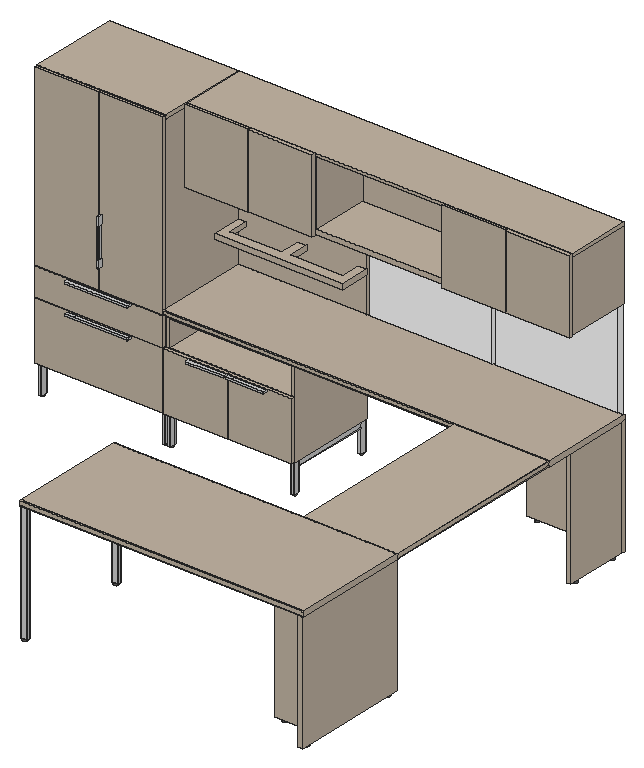
Revit family "FLT011", category Furniture, Revit 2019 (continued)
Definition of nested family "JSI-Flux-Wall_Mount_OH_Cab_Opn_Compt"
  Forms (in)
    Extrusion 7, solid, material <- "Chassis", visible <- "Part_R"
      from 30.1875 to 45.25
    Extrusion 8, solid, material <- "Door Front", visible <- "Part_L"
      sketch origin (0, 0, -23) x (1, 0, 0) y (0, 0, 1)
        loop
          line (-36.06413, 69) -> (-36.06413, 51.75) -> (-20.18913, 51.75) -> (-20.18913, 69) -> (-36.06413, 69)
      from 4.3125 to 5.0625
    Extrusion 9, solid, material <- "Door Front", visible <- "Part_L"
      sketch origin (16, 0, -23) x (1, 0, 0) y (0, 0, 1)
        loop
          line (-36.06413, 69) -> (-36.06413, 51.75) -> (-20.18913, 51.75) -> (-20.18913, 69) -> (-36.06413, 69)
      from 4.3125 to 5.0625
    Extrusion 10, solid, material <- "Door Front", visible <- "Part_R"
      sketch origin (0, 0, -23) x (1, 0, 0) y (0, 0, 1)
        loop
          line (43.93587, 69) -> (43.93587, 51.75) -> (59.81087, 51.75) -> (59.81087, 69) -> (43.93587, 69)
      from 4.3125 to 5.0625
    Extrusion 11, solid, material <- "Door Front", visible <- "Part_R"
      sketch origin (-16, 0, -23) x (1, 0, 0) y (0, 0, 1)
        loop
          line (43.93587, 69) -> (43.93587, 51.75) -> (59.81087, 51.75) -> (59.81087, 69) -> (43.93587, 69)
      from 4.3125 to 5.0625
    Extrusion 12, solid, material <- "Back Panel"
      sketch origin (0, 0, 0) x (0, 1, 0) y (0, 0, 1)
        loop
          line (10.75, 45.25) -> (9.9375, 45.25) -> (9.9375, 42.25) -> (10.75, 42.25) -> (10.75, 45.25)
      from -35.31413 to 59.06087
    Extrusion 13, solid, material <- "Back Panel"
      sketch origin (0, 0, 0) x (0, 1, 0) y (0, 0, 1)
        loop
          line (10.75, 42.25) -> (9.9375, 42.25) -> (9.9375, 40.0625) -> (10.75, 40.0625) -> (10.75, 42.25)
      from -34.31413 to 58.06087
  Lines and regions (in)
    symbolic lines
      curve 1: line (-36.06413, 10.75, 0) -> (-36.06413, -4.25, 0)
      curve 2: line (59.81087, 10.75, 0) -> (-36.06413, 10.75, 0)
      curve 3: line (59.81087, 10.75, 0) -> (59.81087, -4.25, 0)
      curve 4: line (59.81087, -4.25, 0) -> (-36.06413, -4.25, 0)
    symbolic lines, visible <- "Part_L"
      curve 5: line (-36.06413, -4.3125, 0) -> (-36.06413, -5.0625, 0)
      curve 6: line (-20.18913, -5.0625, 0) -> (-20.18913, -4.3125, 0)
      curve 7: line (-20.18913, -4.3125, 0) -> (-36.06413, -4.3125, 0)
      curve 8: line (-36.06413, -5.0625, 0) -> (-20.18913, -5.0625, 0)
      curve 9: line (-20.06413, -4.3125, 0) -> (-20.06413, -5.0625, 0)
      curve 10: line (-4.18913, -5.0625, 0) -> (-4.18913, -4.3125, 0)
      curve 11: line (-4.18913, -4.3125, 0) -> (-20.06413, -4.3125, 0)
      curve 12: line (-20.06413, -5.0625, 0) -> (-4.18913, -5.0625, 0)
    symbolic lines, visible <- "Part_R"
      curve 13: line (59.81087, -5.0625, 0) -> (59.81087, -4.3125, 0)
      curve 14: line (43.93587, -4.3125, 0) -> (43.93587, -5.0625, 0)
      curve 15: line (59.81087, -4.3125, 0) -> (43.93587, -4.3125, 0)
      curve 16: line (43.93587, -5.0625, 0) -> (59.81087, -5.0625, 0)
      curve 17: line (43.81087, -5.0625, 0) -> (43.81087, -4.3125, 0)
      curve 18: line (27.93587, -4.3125, 0) -> (27.93587, -5.0625, 0)
      curve 19: line (43.81087, -4.3125, 0) -> (27.93587, -4.3125, 0)
      curve 20: line (27.93587, -5.0625, 0) -> (43.81087, -5.0625, 0)
    symbolic lines, detail levels medium+fine
      curve 21: line (-35.31413, 9.1875, 0) -> (59.06087, 9.1875, 0)
      curve 22: line (59.06087, 9.1875, 0) -> (59.06087, 9.9375, 0)
      curve 23: line (59.06087, 9.9375, 0) -> (-35.31413, 9.9375, 0)
      curve 24: line (-35.31413, 9.9375, 0) -> (-35.31413, 9.1875, 0)
      curve 25: line (59.06087, 10.75, 0) -> (59.06087, -4.25, 0)
      curve 26: line (-35.31413, -4.25, 0) -> (-35.31413, 10.75, 0)
    symbolic lines, visible <- "Part_L", detail levels medium+fine
      curve 27: line (-3.75163, -4.25, 0) -> (-3.75163, 9.1875, 0)
      curve 28: line (-3.75163, 9.1875, 0) -> (-4.50163, 9.1875, 0)
      curve 29: line (-4.50163, 9.1875, 0) -> (-4.50163, -4.25, 0)
      curve 30: line (-4.50163, -4.25, 0) -> (-3.75163, -4.25, 0)
    symbolic lines, visible <- "Part_R", detail levels medium+fine
      curve 31: line (28.24837, -4.25, 0) -> (28.24837, 9.1875, 0)
      curve 32: line (28.24837, 9.1875, 0) -> (27.49837, 9.1875, 0)
      curve 33: line (27.49837, 9.1875, 0) -> (27.49837, -4.25, 0)
      curve 34: line (27.49837, -4.25, 0) -> (28.24837, -4.25, 0)
  Dimensions and locks (in)
    "Width": plane 2 "Center (Left/Right)" to plane 6
    "Depth": plane 16 to plane 3 "Center (Front/Back)"
    plane 12 to plane 13 to plane 14 to plane 15 = 0' - 0 3/4" locked, 0' - 0 1/16" locked, 0' - 2 3/16" locked
    locked: plane 16 to plane 12 at 0.0625
    locked: plane 2 "Center (Left/Right)" to plane 5 at 0.75
    locked: plane 8 to plane 9 at 0.75
    locked: plane 11 to plane 10 at 0.75
    locked: plane 7 to plane 6 at 0.75
    equal spacing: plane 2 "Center (Left/Right)", plane 17, plane 6
    "Height": plane 23 to plane 18
    "OH Elevation": plane 18 to plane 1
    plane 23 to plane 22 to plane 41 = 0' - 0 3/4" locked, 0' - 5 3/16" locked
    locked: plane 20 to plane 19 at 1.1875
    "Level of Base Shelve": plane 19 to plane 18
    plane 19 to plane 21 to plane 28 = 0' - 0 1/4" locked, 0' - 0 1/4" locked
    locked: plane 24 to plane 4 at 0.0625
    "Partition Distance_L": plane 2 "Center (Left/Right)" to plane 8
    "Partition Distance_R": plane 10 to plane 6
    plane 2 "Center (Left/Right)" to plane 29 = 0' - 0 3/4"
    equal spacing: group 1, group 2, group 3, group 8, group 9, group 10  (x3)
    "Wiring Hole Dist": plane 2 "Center (Left/Right)" to plane 35
    "Wiring Hole Dist": plane 36 to plane 6
    "Door Width": Extrusion 8 sketch curve to Extrusion 8 sketch curve
    "Door Width": Extrusion 9 sketch curve to Extrusion 9 sketch curve
    group 4 to group 5 = 1' - 4"
    group 4 to group 5 = 0' - 0"  (x2)
    "Door Array Distance": Extrusion 8 to Extrusion 9
    "Door Width": Extrusion 10 sketch curve to Extrusion 10 sketch curve
    "Door Width": Extrusion 11 sketch curve to Extrusion 11 sketch curve
    group 7 to group 6 = 1' - 4"
    group 6 to group 7 = 0' - 0"  (x2)
    "Door Array Distance": Extrusion 11 to Extrusion 10
    plane 24 to plane 25 to plane 3 "Center (Front/Back)" = 0' - 0 3/4" locked, 0' - 0 13/16" locked
    locked: plane 29 to plane 39 at 1
    locked: plane 40 to plane 34 at 1
    locked: plane 22 to plane 42 at 3
    aligned and locked: level to plane 1
    aligned and locked: Extrusion 1 sketch curve to plane 2 "Center (Left/Right)"
    aligned and locked: Extrusion 1 sketch curve to plane 5
    aligned and locked: Extrusion 1 sketch curve to plane 3 "Center (Front/Back)"
    aligned and locked: Extrusion 1 sketch curve to plane 14
    aligned and locked: Extrusion 2 sketch curve to plane 7
    aligned and locked: Extrusion 2 sketch curve to plane 6
    aligned and locked: Extrusion 2 sketch curve to plane 3 "Center (Front/Back)"
    aligned and locked: Extrusion 2 sketch curve to plane 14
    aligned and locked: plane 22 to Extrusion 1
    aligned and locked: plane 22 to Extrusion 2
    aligned and locked: Extrusion 1 to plane 18
    aligned and locked: Extrusion 2 to plane 18
    aligned and locked: Extrusion 3 sketch curve to plane 22
    aligned and locked: Extrusion 3 sketch curve to plane 23
    aligned and locked: Extrusion 3 sketch curve to plane 2 "Center (Left/Right)"
    aligned and locked: Extrusion 3 sketch curve to plane 6
    aligned and locked: Extrusion 4 sketch curve to plane 20
    aligned and locked: Extrusion 4 sketch curve to plane 19
    aligned and locked: Extrusion 4 sketch curve to plane 5
    aligned and locked: Extrusion 4 sketch curve to plane 7
    aligned and locked: Extrusion 3 to plane 3 "Center (Front/Back)"
    aligned and locked: plane 14 to Extrusion 3
    aligned and locked: Extrusion 4 to plane 24
    aligned and locked: plane 14 to Extrusion 4
    aligned and locked: Extrusion 5 sketch curve to plane 22
    aligned and locked: Extrusion 5 sketch curve to plane 5
    aligned and locked: Extrusion 5 sketch curve to plane 7
    aligned and locked: Extrusion 5 sketch curve to plane 18
    aligned and locked: Extrusion 5 to plane 25
    aligned and locked: plane 24 to Extrusion 5
    aligned and locked: Extrusion 6 sketch curve to plane 8
    aligned and locked: Extrusion 6 sketch curve to plane 9
    aligned and locked: Extrusion 6 sketch curve to plane 24
    aligned and locked: Extrusion 6 sketch curve to plane 14
    aligned and locked: Extrusion 7 sketch curve to plane 11
    aligned and locked: Extrusion 7 sketch curve to plane 10
    aligned and locked: Extrusion 7 sketch curve to plane 24
    aligned and locked: Extrusion 7 sketch curve to plane 14
    aligned and locked: plane 22 to Extrusion 6
    aligned and locked: Extrusion 6 to plane 20
    aligned and locked: plane 22 to Extrusion 7
    aligned and locked: Extrusion 7 to plane 20
    aligned and locked: plane 17 to nested 1
    aligned and locked: plane 12 to nested 1
    aligned and locked: curve 1 to plane 2 "Center (Left/Right)"
    aligned and locked: curve 2 to plane 3 "Center (Front/Back)"
    aligned and locked: curve 3 to plane 6
    aligned and locked: curve 4 to plane 14
    aligned and locked: Extrusion 8 to plane 13
    aligned and locked: plane 12 to Extrusion 8
    aligned and locked: Extrusion 10 to plane 13
    aligned and locked: plane 12 to Extrusion 10
    aligned and locked: plane 6 to Extrusion 10
    aligned and locked: Extrusion 8 to plane 2 "Center (Left/Right)"
    aligned and locked: curve 5 to Extrusion 8
    aligned and locked: curve 6 to Extrusion 8
    aligned and locked: curve 7 to Extrusion 8
    aligned and locked: curve 8 to Extrusion 8
    aligned and locked: curve 9 to Extrusion 9
    aligned and locked: curve 10 to Extrusion 9
    aligned and locked: curve 11 to Extrusion 9
    aligned and locked: curve 12 to Extrusion 9
    aligned and locked: curve 13 to Extrusion 10
    aligned and locked: curve 14 to Extrusion 10
    aligned and locked: curve 15 to Extrusion 10
    aligned and locked: curve 16 to Extrusion 10
    aligned and locked: curve 17 to Extrusion 11
    aligned and locked: curve 18 to Extrusion 11
    aligned and locked: curve 19 to Extrusion 11
    aligned and locked: curve 20 to Extrusion 11
    aligned and locked: Extrusion 8 to plane 21
    aligned and locked: Extrusion 9 to plane 21
    aligned and locked: Extrusion 10 to plane 21
    aligned and locked: Extrusion 11 to plane 21
    aligned and locked: plane 23 to Extrusion 8
    aligned and locked: plane 23 to Extrusion 10
    aligned and locked: plane 7 to plane 34
    aligned and locked: plane 3 "Center (Front/Back)" to Extrusion 12 sketch curve
    aligned and locked: plane 25 to Extrusion 12 sketch curve
    aligned and locked: plane 22 to Extrusion 12 sketch curve
    aligned and locked: plane 42 to Extrusion 12 sketch curve
    aligned and locked: plane 3 "Center (Front/Back)" to Extrusion 13 sketch curve
    aligned and locked: plane 25 to Extrusion 13 sketch curve
    aligned and locked: plane 42 to Extrusion 13 sketch curve
    aligned and locked: plane 41 to Extrusion 13 sketch curve
    aligned and locked: Extrusion 12 to plane 29
    aligned and locked: Extrusion 13 to plane 39
    aligned and locked: plane 34 to Extrusion 12
    aligned and locked: plane 40 to Extrusion 13
    aligned and locked: curve 21 to Extrusion 5
    aligned and locked: curve 22 to Extrusion 5
    aligned and locked: curve 23 to Extrusion 5
    aligned and locked: curve 24 to Extrusion 5
    aligned and locked: curve 25 to Extrusion 2
    aligned and locked: curve 26 to Extrusion 1
    aligned and locked: curve 27 to Extrusion 6
    aligned and locked: curve 28 to Extrusion 6
    aligned and locked: curve 29 to Extrusion 6
    aligned and locked: curve 30 to Extrusion 6
    aligned and locked: curve 31 to Extrusion 7
    aligned and locked: curve 32 to Extrusion 7
    aligned and locked: curve 33 to Extrusion 7
    aligned and locked: curve 34 to Extrusion 7
    aligned and locked: plane 14 to curve 26
    aligned and locked: plane 3 "Center (Front/Back)" to curve 26
    aligned and locked: plane 14 to curve 25
    aligned and locked: plane 3 "Center (Front/Back)" to curve 25
  Automatic sketch dimensions
    Extrusion 8 sketch curve to Extrusion 8 sketch curve = 1' - 5 1/4"
    Extrusion 9 sketch curve to Extrusion 9 sketch curve = 1' - 5 1/4"
    Extrusion 10 sketch curve to Extrusion 10 sketch curve = 1' - 5 1/4"
    Extrusion 11 sketch curve to Extrusion 11 sketch curve = 1' - 5 1/4"
    curve 5 to curve 7 = 1' - 3 7/8"
    curve 8 to curve 6 = 0' - 0 3/4"
    curve 9 to curve 11 = 1' - 3 7/8"
    curve 12 to curve 10 = 0' - 0 3/4"
    curve 14 to curve 15 = 1' - 3 7/8"
    curve 14 to curve 14 = 0' - 0 3/4"
    curve 18 to curve 19 = 1' - 3 7/8"
    curve 18 to curve 18 = 0' - 0 3/4"
  Nested families (in)
    nested 1: "Label 1-16 OH" at (11.87337, -5.0625, 0), type "OH DOORS"
  Definition of nested family "Label 1-16 OH"
    Parameters
      Width = 0' - 1"
      Model Name = "6 Doors"
    Reference planes (in)
      plane 1: y = 0
      plane 2: x = 0
    Text (in)
      label "XX" at (0.00051, -0.12324, 0), shows "Model Name"
Definition of nested family "JSI-Flux-Wall_Mount_Tack_Panel"
  Parameters (values of type "Type Catalog - Tackboard for OH Cab")
    Width = 2' - 4 1/4"
    URL = "www.jsifurniture.com"
    Type Comments = ""
    Series = "FLUX"  # constant formula
    OH Elevation = 2' - 5"
    Model = "FLB2931CMB"
    Manufacturer = "JSI"  # constant formula
    Keynote = "12500"
    JSI Enviromental Website = "http://www.jsifurniture.com/jsi_sustainability_intro.php"
    Height = 2' - 6"
    Markerboard = none
    Description = "29\"W x 31\"H, Overhead Cabinet Markerboard"
    Depth = 0' - 0 13/16"
    Assembly Code = "E2020200"
  Reference planes (in)
    plane 1: z = 0
    plane 2 "Center (Left/Right)": x = -36.06413
    plane 3 "Center (Front/Back)": y = 10.75
    plane 4: x = -7.81413
    plane 5: x = -21.93913
    plane 6: z = 59
    plane 7: z = 29
    plane 8: x = -35.31413
    plane 9: x = -8.56413
    plane 10: y = 9.9375
    plane 11: y = 9.125
  Forms (in)
    Extrusion 1, solid, material <- "Markerboard"
      sketch origin (0, 0, 0) x (1, 0, 0) y (0, 0, 1)
        loop
          line (-35.31413, 59) -> (-35.31413, 29) -> (-8.56413, 29) -> (-8.56413, 59) -> (-35.31413, 59)
      from -9.9375 to -9.125
  Lines and regions (in)
    symbolic lines, detail levels medium+fine
      curve 1: line (-35.31413, 9.9375, 0) -> (-8.56413, 9.9375, 0)
      curve 2: line (-35.31413, 9.125, 0) -> (-35.31413, 9.9375, 0)
      curve 3: line (-8.56413, 9.125, 0) -> (-35.31413, 9.125, 0)
      curve 4: line (-8.56413, 9.9375, 0) -> (-8.56413, 9.125, 0)
  Dimensions and locks (in)
    "Width": plane 2 "Center (Left/Right)" to plane 4
    equal spacing: plane 2 "Center (Left/Right)", plane 5, plane 4
    "OH Elevation": plane 7 to plane 1
    "Height": plane 6 to plane 7
    locked: plane 2 "Center (Left/Right)" to plane 8 at 0.75
    locked: plane 9 to plane 4 at 0.75
    locked: plane 10 to plane 3 "Center (Front/Back)" at 0.8125
    "Depth": plane 11 to plane 10
    aligned and locked: level to plane 1
    aligned and locked: plane 8 to Extrusion 1 sketch curve
    aligned and locked: Extrusion 1 sketch curve to plane 9
    aligned and locked: Extrusion 1 sketch curve to plane 6
    aligned and locked: plane 7 to Extrusion 1 sketch curve
    aligned and locked: Extrusion 1 to plane 10
    aligned and locked: plane 11 to Extrusion 1
    aligned and locked: curve 1 to Extrusion 1
    aligned and locked: curve 2 to Extrusion 1
    aligned and locked: curve 3 to plane 11
    aligned and locked: curve 4 to plane 9
Definition of nested family "JSI-Flux-Workwall_Panel"
  Parameters (values of type "Type Catalog - Workwall Panel")
    Width = 3' - 6"
    URL = "www.jsifurniture.com"
    Type Comments = ""
    Tray = if(Tray_V_Dist < Depth, 2 > 1, 1 > 2)  # yes
    Tray_V_Dist = if(L_Bracket, (Depth + 0' 2"), (if(R_Bracket, (Depth + 0' 2"), (if(Acc, Cup Dist, Depth + 0' 2")))))  # 0' - 3 33/64"
    Tr = yes
    TAG = ""
    Support Width = if(Width > 3' 3", 2' 6", (if(Width > 2' 9", 2' 0", (if(Width > 2' 0", 1' 6", (if(Width > 1' 6", 1' 0", 0' 7")))))))  # 2' - 6"
    Support Height = if(Height > 3' 5", 0' 7 1/2", if(Height > 2' 8", 0' 11 1/2", 0' 2 1/4"))  # 0' - 2 1/4"
    Support = none
    Shelf = none
    Series = "FLUX"  # constant formula
    Tray_H_Dist = if(R, (Clip Dist + 0' 10 31/32"), (Clip Dist - 0' 10 31/32"))  # 1' - 0 1/32"
    R_Bracket_V_Dist = if(R_Bracket, 0' 0", Depth + 0' 2")  # 0' - 10 17/32"
    R_Bracket Dist = L_Bracket Dist  # 0' - 5 13/16"
    R_Bracket = no
    OH Elevation = 2' - 5"
    Model = ""
    Manufacturer = "JSI"  # constant formula
    L_Bracket_V_Dist = if(L_Bracket, 0' 0", Depth + 0' 2")  # 0' - 10 17/32"
    L_Bracket = no
    R = no
    Keynote = "12500"
    JSI Enviromental Website = "http://www.jsifurniture.com/jsi_sustainability_intro.php"
    Height = 2' - 0"
    Panel = none
    Description = ""
    Depth = 0' - 8 17/32"
    Cup Dist = if(Acc, 0' 3 33/64", Depth + 0' 2")  # 0' - 3 33/64"
    Cup_H_Dist = if(R, (if(Width > 3' 3", 0' 9", (if(Width > 3' 0", 0' 8", (if(Width > 2' 9", 0' 7", (if(Width > 2' 6", 0' 6", 0' 5")))))))), (if(Width > 3' 3", (Width - 0' 9"), (if(Width > 3' 0", (Width - 0' 8"), (if(Width > 2' 9", (Width - 0' 7"), (if(Width > 2' 6", (Width - 0' 6"), (Width - 0' 5"))))))))))  # 2' - 9"
    Cup = if(Cup Dist < Depth, 2 > 1, 1 > 2)  # yes
    Clip = if(Cup Dist < Depth, 2 > 1, 1 > 2)  # yes
    Chassis = none
    Clip Dist = if(R, ((Cup_H_Dist * 2) + 0' 1"), (Cup_H_Dist - (if(Width > 3' 3", 0' 10", (if(Width > 3' 0", 0' 9", (if(Width > 2' 9", 0' 8", (if(Width > 2' 6", 0' 7", 0' 6"))))))))))  # 1' - 11"
    Bracket Width = 1' - 0 1/4"
    L_Bracket Dist = (if(Width > 3' 3", 0' 5 13/16", (if(Width > 3' 0", 0' 4 13/16", (if(Width > 2' 9", 0' 3 13/16", (if(Width > 2' 6", 0' 2 13/16", 0' 1 13/16"))))))))  # 0' - 5 13/16"
    Bracket Depth = 0' - 4 3/4"
    Assembly Code = "E2020200"
    Accessories = none
    Acc = yes
  Reference planes (in)
    plane 1: z = 0
    plane 2 "Center (Left/Right)": x = -36.06413
    plane 3 "Center (Front/Back)": y = 10.75
    plane 4: x = 5.93587
    plane 5: y = 10
    plane 6: y = 9.25
    plane 7: x = -15.06413
    plane 8: x = -33.06413
    plane 9: x = 2.93587
    plane 10: z = 53
    plane 11: z = 52.5
    plane 12: z = 49.5
    plane 13: z = 47.25
    plane 14: z = 31.25
    plane 15: z = 33.5
    plane 16: z = 48
    plane 17: z = 32
    plane 18: x = -30.06413
    plane 19: x = -0.06413
    plane 20: z = 29
    plane 21: z = 38.28125
    plane 22: z = 39.46875
    plane 23: y = 2.21875
    plane 24: x = -3.06413
    plane 25: x = -13.06413
    plane 26: x = -24.03288
    plane 27: y = 5.73437
    plane 28: x = -28.67351
    plane 29: x = -19.39226
    plane 30: x = -27.04851
    plane 31: x = -21.01726
    plane 32: y = 7.35937
    plane 33: y = 4.10937
    plane 34: y = -6.03125
    plane 35: x = -30.25163
    plane 36: x = -18.00163
    plane 37: x = -12.12663
    plane 38: x = 0.12337
    plane 39: y = -1.28125
    plane 40: y = -6.03125
    plane 41: y = -1.28125
    plane 42: y = 5.73437
  Forms (in)
    Extrusion 1, solid, material <- "Panel"
      sketch origin (0, 0, 0) x (1, 0, 0) y (0, 1, 0)
        loop
          line (5.93587, 10) -> (-36.06413, 10) -> (-36.06413, 9.25) -> (5.93587, 9.25) -> (5.93587, 10)
      from 29 to 52.5
    Extrusion 2, solid, material <- "Chassis"
      sketch origin (0, 0, 0) x (1, 0, 0) y (0, 1, 0)
        loop
          line (-36.06413, 10.75) -> (-36.06413, 10) -> (-33.06413, 10) -> (-33.06413, 10.75) -> (-36.06413, 10.75)
      from 29 to 52.5
    Extrusion 3, solid, material <- "Chassis"
      sketch origin (0, 0, 0) x (1, 0, 0) y (0, 1, 0)
        loop
          line (2.93587, 10.75) -> (2.93587, 10) -> (5.93587, 10) -> (5.93587, 10.75) -> (2.93587, 10.75)
      from 29 to 52.5
    Extrusion 4, solid, material <- "Support"
      sketch origin (0, 0, 0) x (0, 1, 0) y (0, 0, 1)
        loop
          line (10.75, 52.5) -> (10, 52.5) -> (10, 49.5) -> (10.75, 49.5) -> (10.75, 52.5)
      from -33.06413 to 2.93587
    Extrusion 5, solid, material <- "Support"
      sketch origin (0, 0, 0) x (0, 1, 0) y (0, 0, 1)
        loop
          line (10.75, 48) -> (10.75, 49.5) -> (10, 49.5) -> (10, 48) -> (10.75, 48)
      from -30.06413 to -0.06413
    Extrusion 6, solid, material <- "Support"
      sketch origin (0, 0, 0) x (0, 1, 0) y (0, 0, 1)
        loop
          line (10.75, 48) -> (10, 48) -> (10, 47.25) -> (10.75, 47.25) -> (10.75, 48)
      from -30.06413 to -0.06413
    Extrusion 7, solid, material <- "Support"
      sketch origin (0, 0, 0) x (0, 1, 0) y (0, 0, 1)
        loop
          line (10.75, 33.5) -> (10, 33.5) -> (10, 32) -> (10.75, 32) -> (10.75, 33.5)
      from -30.06413 to -0.06413
    Extrusion 8, solid, material <- "Support"
      sketch origin (0, 0, 0) x (0, 1, 0) y (0, 0, 1)
        loop
          line (10.75, 32) -> (10, 32) -> (10, 31.25) -> (10.75, 31.25) -> (10.75, 32)
      from -30.06413 to -0.06413
    Extrusion 9, solid, material <- "Shelf"
      sketch origin (0, 0, 0) x (1, 0, 0) y (0, 1, 0)
        loop
          line (-36.06413, 9.25) -> (-36.06413, 2.21875) -> (5.93587, 2.21875) -> (5.93587, 9.25) -> (-36.06413, 9.25)
      from 38.28125 to 39.46875
    Extrusion 10, void
      sketch origin (0, 0, 0) x (1, 0, 0) y (0, 1, 0)
        loop
          circle (-3.06413, 5.73437) r 1.625
      from 38.28125 to 39.46875
    Extrusion 11, void
      sketch origin (0, 0, 0) x (1, 0, 0) y (0, 1, 0)
        loop
          circle (-13.06413, 5.73437) r 1.625
      from 38.28125 to 39.46875
    Extrusion 12, void
      sketch origin (0, 0, 0) x (1, 0, 0) y (0, 1, 0)
        loop
          line (-21.01726, 7.35937) -> (-27.04851, 7.35937)
          arc (-27.04851, 7.35937) -> (-28.67351, 5.73437) -> (-27.04851, 4.10937) r 1.625
          line (-27.04851, 4.10937) -> (-21.01726, 4.10937)
          arc (-21.01726, 4.10937) -> (-19.39226, 5.73437) -> (-21.01726, 7.35937) r 1.625
      from 38.28125 to 39.46875
    Extrusion 13, void
      sketch origin (0, 0, 0) x (1, 0, 0) y (0, 1, 0)
        loop
          line (-30.25163, -1.28125) -> (-30.25163, -6.03125) -> (-18.00163, -6.03125) -> (-18.00163, -1.28125) -> (-30.25163, -1.28125)
      from 38.28125 to 39.46875
    Extrusion 14, void
      sketch origin (0, 0, 0) x (1, 0, 0) y (0, 1, 0)
        loop
          line (0.12337, -1.28125) -> (-12.12663, -1.28125) -> (-12.12663, -6.03125) -> (0.12337, -6.03125) -> (0.12337, -1.28125)
      from 38.28125 to 39.46875
    Sweep 15, solid, material <- "Accessories", visible <- "Tray"
      path origin (0, 0, 0) x (1, 0, 0) y (0, 1, 0)
        loop
          line (-21.01726, 7.35937) -> (-27.04851, 7.35937)
          arc (-27.04851, 7.35937) -> (-28.67351, 5.73437) -> (-27.04851, 4.10937) r 1.625
          line (-27.04851, 4.10937) -> (-21.01726, 4.10937)
          arc (-21.01726, 4.10937) -> (-19.39226, 5.73437) -> (-21.01726, 7.35937) r 1.625
      profile origin (-24.03288, 7.35937, 0) x (0, -1, 0) y (0, 0, 1)
        loop
          arc (0, 39.46875) -> (0.54949, 38.60245) -> (1.52387, 38.28153) r 1.52225
          line (1.52387, 38.28153) -> (1.52387, 38.34405)
          arc (1.52387, 38.34405) -> (0.58814, 38.65157) -> (0.06075, 39.48346) r 1.45975
          arc (0.06075, 39.48346) -> (-0.08554, 39.59111) -> (-0.21979, 39.46875) r 0.14324
          line (-0.21979, 39.46875) -> (-0.15609, 39.46875)
          arc (-0.15609, 39.46875) -> (-0.07805, 39.5288) -> (0, 39.46875) r 0.08074
    Extrusion 16, solid, material <- "Accessories", visible <- "Tray"
      sketch origin (0, 0, 0) x (1, 0, 0) y (0, 1, 0)
        loop
          arc (-27.04851, 5.83551) -> (-27.14964, 5.73437) -> (-27.04851, 5.63324) r 0.10113
          line (-27.04851, 5.63324) -> (-21.01726, 5.63324)
          arc (-21.01726, 5.63324) -> (-20.91613, 5.73437) -> (-21.01726, 5.83551) r 0.10113
          line (-21.01726, 5.83551) -> (-27.04851, 5.83551)
      from 38.28153 to 38.34405
    Revolve 17, solid, material <- "Accessories", visible <- "Clip"
      sketch origin (163.13476, 5.73437, 48) x (1, 0, 0) y (0, 0, 1)
        loop
          arc (-176.19889, -9.71903) -> (-175.17945, -9.40847) -> (-174.57389, -8.53153) r 1.61904
          arc (-174.57389, -8.53153) -> (-174.49599, -8.47209) -> (-174.41788, -8.53125) r 0.08096
          line (-174.41788, -8.53125) -> (-174.35405, -8.53125)
          arc (-174.35405, -8.53125) -> (-174.4875, -8.40983) -> (-174.63414, -8.51492) r 0.14346
          arc (-174.63414, -8.51492) -> (-175.21733, -9.35873) -> (-176.19889, -9.65648) r 1.55654
          line (-176.19889, -9.65648) -> (-176.19889, -9.71903)
        axis (-176.19889, -8.51492) -> (-176.19889, -9.71903)
      angle from 0 to 360
    Revolve 18, solid, material <- "Accessories", visible <- "Cup"
      sketch origin (163.13476, 5.73437, 48) x (1, 0, 0) y (0, 0, 1)
        loop
          arc (-164.57389, -8.53125) -> (-164.44889, -8.40625) -> (-164.32389, -8.53125) r 0.125
          line (-164.32389, -8.53125) -> (-164.26139, -8.53125)
          arc (-164.26139, -8.53125) -> (-164.44889, -8.34375) -> (-164.63639, -8.53125) r 0.1875
          line (-164.63639, -8.53125) -> (-164.63639, -12.78125)
          arc (-164.63639, -12.78125) -> (-164.6547, -12.82544) -> (-164.69889, -12.84375) r 0.0625
          line (-164.69889, -12.84375) -> (-166.19889, -12.84375) -> (-166.19889, -12.90625) -> (-164.69889, -12.90625)
          arc (-164.69889, -12.90625) -> (-164.6105, -12.86964) -> (-164.57389, -12.78125) r 0.125
          line (-164.57389, -12.78125) -> (-164.57389, -8.53125)
        axis (-166.19889, -8.53125) -> (-166.19889, -12.90625)
      angle from 0 to 360
  Cuts and joins
    Extrusion 10, Extrusion 11, Extrusion 12, Extrusion 13, Extrusion 14 cuts Extrusion 9
  Lines and regions (in)
    symbolic lines
      curve 1: line (-36.06413, 10.75, 0) -> (-36.06413, 9.25, 0)
      curve 2: line (5.93587, 10.75, 0) -> (5.93587, 9.25, 0)
      curve 3: line (5.93587, 10.75, 0) -> (-36.06413, 10.75, 0)
      curve 4: line (5.93587, 9.25, 0) -> (-36.06413, 9.25, 0)
      curve 5: line (-36.06413, 9.25, 0) -> (-36.06413, 2.21875, 0)
      curve 6: line (5.93587, 9.25, 0) -> (5.93587, 2.21875, 0)
      curve 7: line (5.93587, 2.21875, 0) -> (-36.06413, 2.21875, 0)
    symbolic lines, visible <- "Tr"
      curve 8: line (-21.01726, 7.35937, 0) -> (-27.04851, 7.35937, 0)
      curve 9: arc (-27.04851, 7.35937, 0) -> (-28.67351, 5.73437, 0) -> (-27.04851, 4.10937, 0) r 1.625
      curve 10: line (-27.04851, 4.10937, 0) -> (-21.01726, 4.10937, 0)
      curve 11: arc (-21.01726, 4.10937, 0) -> (-19.39226, 5.73437, 0) -> (-21.01726, 7.35937, 0) r 1.625
    symbolic lines, visible <- "Acc"
      curve 12: arc (-11.43913, 5.73437, 0) -> (-13.06413, 7.35937, 0) -> (-14.68913, 5.73437, 0) r 1.625
      curve 13: arc (-14.68913, 5.73437, 0) -> (-13.06413, 4.10937, 0) -> (-11.43913, 5.73437, 0) r 1.625
      curve 14: arc (-1.43913, 5.73437, 0) -> (-3.06413, 7.35937, 0) -> (-4.68913, 5.73437, 0) r 1.625
      curve 15: arc (-4.68913, 5.73437, 0) -> (-3.06413, 4.10937, 0) -> (-1.43913, 5.73437, 0) r 1.625
    symbolic lines, visible <- "L_Bracket"
      curve 16: line (-30.25163, -1.28125, 0) -> (-30.25163, -6.03125, 0)
      curve 17: line (-30.25163, -6.03125, 0) -> (-18.00163, -6.03125, 0)
      curve 18: line (-18.00163, -6.03125, 0) -> (-18.00163, -1.28125, 0)
    symbolic lines, visible <- "R_Bracket"
      curve 19: line (-12.12663, -6.03125, 0) -> (0.12337, -6.03125, 0)
      curve 20: line (0.12337, -6.03125, 0) -> (0.12337, -1.28125, 0)
      curve 21: line (-12.12663, -1.28125, 0) -> (-12.12663, -6.03125, 0)
  Dimensions and locks (in)
    locked: plane 5 to plane 3 "Center (Front/Back)" at 0.75
    "Width": plane 2 "Center (Left/Right)" to plane 4
    equal spacing: plane 2 "Center (Left/Right)", plane 7, plane 4
    locked: plane 2 "Center (Left/Right)" to plane 8 at 3
    locked: plane 9 to plane 4 at 3
    plane 10 to plane 11 to plane 12 = 0' - 0 1/2" locked, 0' - 3" locked
    locked: plane 12 to plane 13 at 2.25
    locked: plane 15 to plane 14 at 2.25
    locked: plane 15 to plane 17 at 1.5
    locked: plane 12 to plane 16 at 1.5
    "Support Width": plane 18 to plane 19
    equal spacing: plane 18, plane 7, plane 19
    "OH Elevation": plane 20 to plane 1
    "Support Height": plane 14 to plane 20
    locked: plane 22 to plane 21 at 1.1875
    locked: plane 6 to plane 5 at 0.75
    "Depth": plane 23 to plane 3 "Center (Front/Back)"
    locked: plane 11 to plane 22 at 13.03125
    plane 28 to plane 26 to plane 29 = 0' - 4 41/64" locked, 0' - 4 41/64" locked
    locked: plane 28 to plane 30 at 1.625
    locked: plane 31 to plane 29 at 1.625
    "Cup_H_Dist": plane 2 "Center (Left/Right)" to plane 24
    "Clip Dist": plane 2 "Center (Left/Right)" to plane 25
    "Tray_H_Dist": plane 2 "Center (Left/Right)" to plane 26
    "Bracket Width": plane 35 to plane 36
    "L_Bracket Dist": plane 2 "Center (Left/Right)" to plane 35
    "Bracket Width": plane 37 to plane 38
    "R_Bracket Dist": plane 38 to plane 4
    locked: plane 33 to plane 32 at 3.25
    "Bracket Depth": plane 34 to plane 39
    "L_Bracket_V_Dist": plane 39 to plane 6
    "Bracket Depth": plane 40 to plane 41
    "R_Bracket_V_Dist": plane 41 to plane 6
    "Cup Dist": plane 27 to plane 6
    locked: plane 42 to plane 32 at 1.625
    "Tray_V_Dist": plane 42 to plane 6
    "Height": plane 10 to plane 20
    Sweep 15 sketch curve to Sweep 15 sketch curve to Sweep 15 sketch curve to Sweep 15 sketch curve to Sweep 15 sketch curve to plane 42 = 0' - 0.06369" locked, 0' - 0.15609" locked, 0' - 0.06075" locked, 0' - 1.46311" locked, 0' - 0.10113" locked
    Sweep 15 sketch curve to Sweep 15 sketch curve to plane 22 to Sweep 15 sketch curve to Sweep 15 sketch curve = 0' - 0 1/16" locked, 0' - 0.06005" locked, 0' - 1.1247" locked, 0' - 0.06252" locked
    Revolve 17 sketch curve to Revolve 17 sketch curve to Revolve 17 sketch curve to Revolve 17 sketch curve to plane 25 = 0' - 0.06382" locked, 0' - 0.15601" locked, 0' - 0.06025" locked, 0' - 1.56475" locked
    Revolve 17 sketch curve to Revolve 17 sketch curve to plane 22 to Revolve 17 sketch curve to Revolve 17 sketch curve = 0' - 0 1/16" locked, 0' - 0.05916" locked, 0' - 1.12523" locked, 0' - 0.06255" locked
    Revolve 18 sketch curve to Revolve 18 sketch curve to Revolve 18 sketch curve to Revolve 18 sketch curve to plane 24 = 0' - 0 1/16" locked, 0' - 0 1/4" locked, 0' - 0 1/16" locked, 0' - 1 9/16" locked
    Revolve 18 sketch curve to Revolve 18 sketch curve to plane 22 to Revolve 18 sketch curve to Revolve 18 sketch curve = 0' - 0 1/16" locked, 0' - 0 1/8" locked, 0' - 4 5/16" locked, 0' - 0 1/16" locked
    radius of Extrusion 10 sketch curve = 0' - 1 5/8"
    radius of Extrusion 11 sketch curve = 0' - 1 5/8"
    radius of Extrusion 12 sketch curve = 0' - 1 5/8"  (x2)
    aligned and locked: level to plane 1
    aligned and locked: Extrusion 1 sketch curve to plane 5
    aligned and locked: Extrusion 1 sketch curve to plane 6
    aligned and locked: Extrusion 1 sketch curve to plane 2 "Center (Left/Right)"
    aligned and locked: Extrusion 1 sketch curve to plane 4
    aligned and locked: plane 11 to Extrusion 1
    aligned and locked: Extrusion 1 to plane 20
    aligned and locked: Extrusion 2 sketch curve to plane 2 "Center (Left/Right)"
    aligned and locked: Extrusion 2 sketch curve to plane 8
    aligned and locked: Extrusion 2 sketch curve to plane 5
    aligned and locked: Extrusion 2 sketch curve to plane 3 "Center (Front/Back)"
    aligned and locked: Extrusion 3 sketch curve to plane 9
    aligned and locked: Extrusion 3 sketch curve to plane 4
    aligned and locked: Extrusion 3 sketch curve to plane 5
    aligned and locked: Extrusion 3 sketch curve to plane 3 "Center (Front/Back)"
    aligned and locked: plane 11 to Extrusion 2
    aligned and locked: plane 11 to Extrusion 3
    aligned and locked: Extrusion 2 to plane 20
    aligned and locked: Extrusion 3 to plane 20
    aligned and locked: plane 11 to Extrusion 4 sketch curve
    aligned and locked: plane 12 to Extrusion 4 sketch curve
    aligned and locked: plane 3 "Center (Front/Back)" to Extrusion 4 sketch curve
    aligned and locked: plane 5 to Extrusion 4 sketch curve
    aligned and locked: Extrusion 4 to plane 8
    aligned and locked: plane 9 to Extrusion 4
    aligned and locked: plane 16 to Extrusion 5 sketch curve
    aligned and locked: plane 12 to Extrusion 5 sketch curve
    aligned and locked: plane 5 to Extrusion 5 sketch curve
    aligned and locked: plane 3 "Center (Front/Back)" to Extrusion 5 sketch curve
    aligned and locked: plane 16 to Extrusion 6 sketch curve
    aligned and locked: plane 13 to Extrusion 6 sketch curve
    aligned and locked: plane 3 "Center (Front/Back)" to Extrusion 6 sketch curve
    aligned and locked: plane 5 to Extrusion 6 sketch curve
    aligned and locked: plane 15 to Extrusion 7 sketch curve
    aligned and locked: plane 17 to Extrusion 7 sketch curve
    aligned and locked: plane 3 "Center (Front/Back)" to Extrusion 7 sketch curve
    aligned and locked: plane 5 to Extrusion 7 sketch curve
    aligned and locked: plane 17 to Extrusion 8 sketch curve
    aligned and locked: plane 14 to Extrusion 8 sketch curve
    aligned and locked: plane 3 "Center (Front/Back)" to Extrusion 8 sketch curve
    aligned and locked: plane 5 to Extrusion 8 sketch curve
    aligned and locked: Extrusion 5 to plane 18
    aligned and locked: Extrusion 6 to plane 18
    aligned and locked: plane 19 to Extrusion 5
    aligned and locked: plane 19 to Extrusion 6
    aligned and locked: Extrusion 8 to plane 18
    aligned and locked: Extrusion 7 to plane 18
    aligned and locked: plane 19 to Extrusion 8
    aligned and locked: plane 19 to Extrusion 7
    aligned and locked: curve 1 to plane 2 "Center (Left/Right)"
    aligned and locked: curve 2 to plane 4
    aligned and locked: curve 3 to plane 3 "Center (Front/Back)"
    aligned and locked: curve 4 to plane 6
    aligned and locked: Extrusion 9 sketch curve to plane 2 "Center (Left/Right)"
    aligned and locked: Extrusion 9 sketch curve to plane 23
    aligned and locked: Extrusion 9 sketch curve to plane 6
    aligned and locked: Extrusion 9 sketch curve to plane 4
    aligned and locked: plane 22 to Extrusion 9
    aligned and locked: Extrusion 9 to plane 21
    aligned and locked: curve 5 to plane 2 "Center (Left/Right)"
    aligned and locked: curve 6 to plane 4
    aligned and locked: curve 7 to plane 23
    aligned and locked: Extrusion 12 sketch curve to plane 33
    aligned and locked: plane 22 to Extrusion 10
    aligned and locked: plane 22 to Extrusion 11
    aligned and locked: plane 22 to Extrusion 12
    aligned and locked: Extrusion 10 to plane 21
    aligned and locked: Extrusion 11 to plane 21
    aligned and locked: Extrusion 12 to plane 21
    aligned and locked: Extrusion 13 sketch curve to plane 34
    aligned and locked: Extrusion 14 sketch curve to plane 37
    aligned and locked: Extrusion 14 sketch curve to plane 38
    aligned and locked: plane 22 to Extrusion 14
    aligned and locked: Extrusion 14 to plane 21
    aligned and locked: Extrusion 13 to plane 39
    aligned and locked: Extrusion 13 sketch curve to plane 35
    aligned and locked: Extrusion 13 sketch curve to plane 36
    aligned and locked: Extrusion 13 sketch curve to plane 39
    aligned and locked: Extrusion 14 sketch curve to plane 41
    aligned and locked: Extrusion 14 sketch curve to plane 40
    aligned and locked: curve 9 to Extrusion 12
    aligned and locked: curve 11 to Extrusion 12
    aligned and locked: curve 12 to Extrusion 11
    aligned and locked: curve 13 to Extrusion 11
    aligned and locked: curve 14 to Extrusion 10
    aligned and locked: curve 15 to Extrusion 10
    aligned and locked: curve 16 to Extrusion 13
    aligned and locked: curve 17 to Extrusion 13
    aligned and locked: curve 18 to Extrusion 13
    aligned and locked: curve 19 to Extrusion 14
    aligned and locked: curve 20 to Extrusion 14
    aligned and locked: curve 21 to Extrusion 14
    aligned and locked: plane 41 to curve 21
    aligned and locked: plane 41 to curve 20
    aligned and locked: plane 22 to Extrusion 13
    aligned and locked: Extrusion 13 to plane 21
    aligned and locked: plane 39 to curve 16
    aligned and locked: plane 39 to curve 18
    aligned and locked: Sweep 15 sketch curve to curve 9
    aligned and locked: Sweep 15 sketch curve to curve 11
    aligned and locked: Sweep 15 sketch curve to plane 22
    aligned and locked: Extrusion 16 sketch curve to Sweep 15  (x2)
    aligned and locked: Extrusion 16 to Sweep 15  (x2)
    aligned and locked: Revolve 17 sketch curve to plane 22
    aligned and locked: Revolve 17 sketch curve to plane 25  (x2)
    aligned and locked: Revolve 18 sketch curve to plane 24  (x2)
    aligned and locked: Revolve 18 sketch curve to plane 22
  Automatic sketch dimensions
    Extrusion 10 sketch curve to plane 24 = 0' - 0"
    plane 27 to Extrusion 10 sketch curve = 0' - 0"
    Extrusion 11 sketch curve to plane 25 = 0' - 0"
    plane 27 to Extrusion 11 sketch curve = 0' - 0"
    Extrusion 12 sketch curve to plane 30 = 0' - 0"
    Extrusion 12 sketch curve to plane 31 = 0' - 0"
    Sweep 15 sketch curve to Sweep 15 sketch curve = 0' - 0"  (x4)
    Revolve 17 sketch curve to Revolve 17 sketch curve = 0' - 0"  (x3)
    plane 25 to Revolve 17 sketch curve = 0' - 0.06418"
    Revolve 17 sketch curve to level = 1' - 0"
    plane 10 to Revolve 17 sketch curve = 3' - 7"
    Revolve 18 sketch curve to Revolve 18 sketch curve = 0' - 0 1/16"
    Revolve 18 sketch curve to Revolve 18 sketch curve = 0' - 0"
    Revolve 18 sketch curve to level = 1' - 0"
    plane 10 to Revolve 18 sketch curve = 3' - 7"
Definition of nested family "JSI-Flux-Wb_Fls_Lg_Pm_Ht"
  Parameters (values of type "Type Catalog - Wb, Fls Lg, Pm Ht")
    W = no
    V_Void_Dist = if(F, 0' 0", (if(W, (if(F7, (if(Width > 1' 7", 0' 0", 0' 2")), 0' 2")), 0' 2")))  # 0' - 0"
    V_Pull_Width = if(Height > 5' 10", 1' 2 27/32", 0' 10 27/32")  # 0' - 10 27/32"
    V_Pull_R_R = if(FD, (if(L, 1 > 2, 2 > 1)), (if(F, 1 > 2, (if(W, 1 > 2, 2 > 1)))))  # no
    V_Pull_R_L = if(FD, (if(L, 2 > 1, 1 > 2)), (if(F, (if(F0, (if(L, 1 > 2, 2 > 1)), 2 > 1)), 1 > 2)))  # yes
    V_Pull_L_R = if(FD, 1 > 2, (if(F, (if(F0, (if(L, 2 > 1, 1 > 2)), 2 > 1)), (if(W, (if(L, 1 > 2, (if(Width > 2' 1", 1 > 2, (if(F0, 1 > 2, 2 > 1)))))), 1 > 2)))))  # no
    V_Pull_L_L = if(FD, 1 > 2, (if(F, 1 > 2, (if(W, (if(Width > 2' 1", (if(F0, 1 > 2, 2 > 1)), (if(L, (if(F0, 1 > 2, 2 > 1)), 1 > 2)))), 2 > 1)))))  # no
    Top_V_Void_Dist = if(W, (if(Width > 2' 1", 0' 0", 0' 2")), 0' 2")  # 0' - 2"
    Top_Pull_Dist = if(W, (if(Width > 2' 1", (if(F7, ((Width / 2) - 0' 0 7/32" - Pull_Width), ((Width / 2) - (Pull_Width / 2)))), (if(F0, (if(F1, ((Width / 2) - (Pull_Width / 2)), (if(F2, ((Width / 2) - (Pull_Width / 2)), (if(L, (0' 0 1/4" + 0' 0 1/16"), (Width - 0' 0 1/4" - 0' 0 1/16" - Pull_Width))))))), (if(L, (0' 0 1/4" + 0' 0 1/16"), (Width - 0' 0 1/4" - 0' 0 1/16" - Pull_Width))))))), (if(L, Partition Dist + 0' 0 1/16" + 0' 0 7/32", Partition Dist + 0' 0 11/16" - 0' 0 7/32" - Pull_Width)))  # 0' - 0 29/32"
    Top_Pull = if(F1, 2 > 1, (if(F2, 2 > 1, (if(F7, 2 > 1, 1 > 2)))))  # yes
    Top_2_Pull_Dist = if(W, (if(F7, (if(Width > 1' 6", ((Width / 2) + 0' 0 1/16" + 0' 0 7/32"), Width + 0' 2")), Width + 0' 2")), Width + 0' 2")  # 1' - 8 1/16"
    Top_2_Pull = if(W, (if(F7, (if(Width > 2' 1", 2 > 1, 1 > 2)), 1 > 2)), 1 > 2)  # no
    R_Vertical_Pull_Dist = if(FD, (if(L, 0' 0 1/32" + 0' 0 1/16" + 0' 0 7/32", (Width - 0' 0 1/32" - 0' 0 1/16" - 0' 0 7/32"))), L_Vertical_Pull_Dist + 0' 0 7/16" + 0' 0 1/8")  # 1' - 0 5/16"
    Pull_Width = if(Width > 2' 1", (if(F7, 0' 10 27/32", 1' 2 3/4")), 0' 10 27/32")  # 0' - 10 27/32"
    Partition = if(FD, 1 > 2, (if(W, 1 > 2, 2 > 1)))  # yes
    Legs = none
    Leg_Width = Width  # 1' - 6 1/16"
    Leg_Depth = Depth - 0' 0 1/8" - 0' 0 3/4"  # 1' - 8 15/16"
    L_Vertical_Pull_Dist = (if(W, (if(Width > 2' 1", ((Width / 2) + 0' 0 1/16" + 0' 0 7/32"), (if(L, 0' 0 1/16" + 0' 0 7/32", Width - 0' 0 1/16" - 0' 0 7/32")))), (if(L, Partition Dist - 0' 0 7/32" - 0' 0 1/16", Partition Dist + 0' 0 3/4" - 0' 0 7/32" - 0' 0 1/16"))))  # 0' - 11 3/4"
    Hngr_R = if(W, 1 > 2, (if(FD, 1 > 2, (if(L, 2 > 1, 1 > 2)))))  # no
    Hngr_L = if(W, 1 > 2, (if(FD, 1 > 2, (if(L, 1 > 2, 2 > 1)))))  # yes
    Hanger_Dist = if(L, Partition Dist + 0' 0 3/4", Partition Dist)  # 0' - 11 9/32"
    H_Void_Width = if(F, Top_Shelf_Width + 0' 1 1/2", Width)  # 1' - 0"
    H_Void_Upper_Dist = if(F0, 0' 0", 0' 2")  # 0' - 0"
    H_Void_Top_Dist = if(FD, 0' 2", 0' 0")  # 0' - 0"
    H_Void_H_Dist = if(F, (if(L, Partition Dist + 0' 0 1/16", 0' 0")), 0' 0")  # 0' - 0"
    H_Void_C_Dist = if(F1, 0' 0", 0' 2")  # 0' - 2"
    H_Void_Bottom_Dist = if(F1, 0' 0", (if(F2, 0' 0", 0' 2")))  # 0' - 0"
    H_Dist_V_Void = if(F, (if(L, Partition Dist - 0' 0 1/16", Partition Dist + 0' 0 3/4" - 0' 0 1/16")), (Width / 2) - 0' 0 1/16")  # 0' - 11 31/32"
    H_Dist_C_Panel = if(F, (if(L, Partition Dist - 0' 0 1/32", 0' 0")), 0' 0")  # 0' - 0"
    Top_Shelf_Width = C_Shelf_Width  # 0' - 10 1/2"
    Top_Shelf_Dist = if(Height > 5' 10", ((Height - 0' 0 5/16" - 0' 1 1/2" - 0' 1 3/16") / 6), ((Height - 0' 0 5/16" - 0' 1 1/2" - 0' 1 3/16") / 5))  # 1' - 1.24375"
    Top_Shelf_Array_Dist = if(Height > 5' 10", ((Height - 0' 0 5/16" - 0' 1 1/2" - 0' 1 3/16") / 6), ((Height - 0' 0 5/16" - 0' 1 1/2" - 0' 1 3/16") / 5))  # 1' - 1.24375"
    Top = none
    Width = 1' - 6 1/16"
    URL = "www.jsifurniture.com"
    Type Comments = ""
    TAG = if(FD, "1 Door", (if(F2, "BF", (if(Width < 2' 1", "1 Door", "2 Doors")))))  # "BF"
    Shelf = none
    Series = "FLUX"  # constant formula
    Pull Finish = none
    Partition Dist = if(L, 0' 6 1/32", Width - 0' 6 1/32" - 0' 0 3/4")  # 0' - 11 9/32"
    Model = ""
    Manufacturer = "JSI"  # constant formula
    L = no
    Keynote = "12500"
    JSI Enviromental Website = "http://www.jsifurniture.com/jsi_sustainability_intro.php"
    Height = 5' - 9 7/32"
    H_Dist_Top_Shelf = if(F, (if(L, Partition Dist + 0' 0 3/4", 0' 0 3/4" + 0' 0 1/32")), 0' 0 3/4" + 0' 0 1/32")  # 0' - 0 25/32"
    H_Dist_Bottom_Shelf = if(F, (if(L, 0' 0", Width - Bottom_Shelf_Width - 0' 0 1/16" - 0' 1 1/2")), 0' 0")  # 0' - 11 1/4"
    Glides = none
    FD = no
    F7 = no
    F2 = yes
    F1 = 1 > 2  # no
    F0 = yes
    F = yes
    Door Line = if(W, (if(Width > 2' 1", (if(F0, (if(F7, 2 > 1, 1 > 2)), 2 > 1)), 1 > 2)), 1 > 2)  # no
    C_Shelf_Width = if(F, Width - 0' 6 1/32" - 0' 1 1/2" - 0' 0 1/32", Width - 0' 0 1/16" - 0' 1 1/2")  # 0' - 10 1/2"
    C_Pull_Dist = Top_Pull_Dist  # 0' - 0 29/32"
    C_Pull = if(F1, 2 > 1, 1 > 2)  # no
    Bottom_Shelf_Width = if(F, 0' 5 1/4", (Width - 0' 0 1/16" - 0' 1 1/2"))  # 0' - 5 1/4"
    Bottom_Shelf_ Dist = if(FD, 1' 7", 1' 8")  # 1' - 8"
    Bottom_Pull_Dist = Top_Pull_Dist  # 0' - 0 29/32"
    Bottom Pull = if(F1, 2 > 1, (if(F2, 2 > 1, 1 > 2)))  # yes
    Bottom Door Height = 1' - 1 9/16"  # constant formula
    Back Panel = none
    Door Front = none
    Description = ""
    Depth = 1' - 9 13/16"
    Chassis = none
    Assembly Code = "E2020200"
    # of Top Shelf = if(Height > 5' 10", 3, 2)  # 2
  Reference planes (in)
    plane 1: z = 0
    plane 2 "Center (Left/Right)": x = -36.06413
    plane 3 "Center (Front/Back)": y = 10.75
    plane 4: x = -18.00163
    plane 5: x = -36.03288
    plane 6: x = -18.03288
    plane 7: y = 10.71875
    plane 8: y = -10.28125
    plane 9: x = -35.28288
    plane 10: x = -18.78288
    plane 11: x = -27.03288
    plane 12: z = 69.21875
    plane 13: z = 7.1875
    plane 14: z = 7.1875
    plane 15: z = 7.9375
    plane 16: z = 68.46875
    plane 17: y = 10.65625
    plane 18: y = 9.90625
    plane 19: y = -10.25
    plane 20: x = -34.28288
    plane 21: x = -19.78288
    plane 22: y = -9.25
    plane 23: y = 8.90625
    plane 24: y = -11.0625
    plane 25: z = 7.3125
    plane 26: x = -35.97038
    plane 27: x = -18.09538
    plane 28: x = -27.09538
    plane 29: x = -26.97038
    plane 30: z = 69.09375
    plane 31: z = 27.1875
    plane 32: z = 27.9375
    plane 33: z = 20.875
    plane 34: z = 21.25
    plane 35: z = 20.5
    plane 36: z = 68.46875
    plane 37: z = 67.71875
    plane 38: y = -10.3125
    plane 39: y = -10.3125
    plane 40: y = -11.3125
    plane 41: y = -10.3125
    plane 42: y = -11.3125
    plane 43: y = -12.3125
    plane 44: y = -13.3125
    plane 45: y = -10.3125
    plane 46: y = -11.3125
    plane 47: z = 27.625
    plane 48: z = 27.75
    plane 49: z = 20.9375
    plane 50: z = 21
    plane 51: z = 20.875
    plane 52: x = -24.78288
    plane 53: x = -24.03288
    plane 54: x = -24.09538
    plane 55: x = -23.97038
    plane 56: x = -36.06413
    plane 57: x = -24.06413
    plane 58: y = -10.3125
    plane 59: y = -11.3125
    plane 60: x = -24.78288
    plane 61: y = 0.25
    plane 62: z = 65.59375
    plane 63: x = -35.15788
    plane 64: x = -35.15788
    plane 65: x = -35.15788
    plane 66: z = 27.42188
    plane 67: z = 20.67188
    plane 68: x = -24.31413
    plane 69: x = -23.75163
    plane 70: z = 38.20313
    plane 71: x = -16.00163
    plane 72: y = -12.3125
    plane 73: y = -13.3125
  Forms (in)
    Extrusion 1, solid, material <- "Chassis"
      sketch origin (0, 0, 0) x (1, 0, 0) y (0, 1, 0)
        loop
          line (-36.03288, 10.71875) -> (-36.03288, -10.25) -> (-35.28288, -10.25) -> (-35.28288, 10.71875) -> (-36.03288, 10.71875)
      from 7.1875 to 68.46875
    Extrusion 2, solid, material <- "Chassis"
      sketch origin (0, 0, 0) x (1, 0, 0) y (0, 1, 0)
        loop
          line (-18.03288, 10.71875) -> (-18.78288, 10.71875) -> (-18.78288, -10.25) -> (-18.03288, -10.25) -> (-18.03288, 10.71875)
      from 7.1875 to 68.46875
    Extrusion 3, solid, material <- "Back Panel"
      sketch origin (0, 0, 0) x (1, 0, 0) y (0, 1, 0)
        loop
          line (-18.78288, 10.65625) -> (-35.28288, 10.65625) -> (-35.28288, 9.90625) -> (-18.78288, 9.90625) -> (-18.78288, 10.65625)
      from 7.1875 to 68.46875
    Extrusion 4, solid, material <- "Top"
      sketch origin (0, 0, 0) x (0, 1, 0) y (0, 0, 1)
        loop
          line (10.75, 69.21875) -> (-10.28125, 69.21875) -> (-10.28125, 68.46875) -> (10.75, 68.46875) -> (10.75, 69.21875)
      from -36.06413 to -18.00163
    Extrusion 5, solid, material <- "Shelf"
      sketch origin (0, 0, 0) x (0, 1, 0) y (0, 0, 1)
        loop
          line (9.90625, 7.1875) -> (9.90625, 7.9375) -> (-10.25, 7.9375) -> (-10.25, 7.1875) -> (9.90625, 7.1875)
      from -35.28288 to -18.78288
    Extrusion 6, solid, material <- "Shelf"
      sketch origin (0, 0, 0) x (1, 0, 0) y (0, 0, 1)
        loop
          line (-35.28288, 27.1875) -> (-24.78288, 27.1875) -> (-24.78288, 27.9375) -> (-35.28288, 27.9375) -> (-35.28288, 27.1875)
      from -9.90625 to 10.25
    Extrusion 7, solid, material <- "Shelf"
      sketch origin (2.625, 0, 0) x (1, 0, 0) y (0, 0, 1)
        loop
          line (-26.65788, 20.5) -> (-21.40788, 20.5) -> (-21.40788, 21.25) -> (-26.65788, 21.25) -> (-26.65788, 20.5)
      from -9.90625 to 10.25
    Extrusion 8, solid, material <- "Shelf"
      sketch origin (-1, 0, -12.49375) x (1, 0, 0) y (0, 0, 1)
        loop
          line (-34.28288, 68.46875) -> (-34.28288, 67.71875) -> (-23.78288, 67.71875) -> (-23.78288, 68.46875) -> (-34.28288, 68.46875)
      from -9.90625 to 9.25
    Extrusion 9, solid, material <- "Shelf"
      sketch origin (-1, 0, -25.7375) x (1, 0, 0) y (0, 0, 1)
        loop
          line (-34.28288, 68.46875) -> (-34.28288, 67.71875) -> (-23.78288, 67.71875) -> (-23.78288, 68.46875) -> (-34.28288, 68.46875)
      from -9.90625 to 9.25
    Extrusion 10, solid, material <- "Door Front"
      sketch origin (0, 0, 0) x (1, 0, 0) y (0, 1, 0)
        loop
          line (-35.97038, -10.3125) -> (-35.97038, -11.0625) -> (-18.09538, -11.0625) -> (-18.09538, -10.3125) -> (-35.97038, -10.3125)
      from 7.3125 to 69.09375
    Extrusion 11, solid, material <- "Chassis", visible <- "Partition"
      sketch origin (0, 0, 0) x (1, 0, 0) y (0, 1, 0)
        loop
          line (-24.78288, 9.90625) -> (-24.78288, -10.25) -> (-24.03288, -10.25) -> (-24.03288, 9.90625) -> (-24.78288, 9.90625)
      from 7.9375 to 68.46875
    Extrusion 12, void
      sketch origin (0, 0, 0) x (1, 0, 0) y (0, 1, 0)
        loop
          line (-24.09538, -10.3125) -> (-24.09538, -11.3125) -> (-23.97038, -11.3125) -> (-23.97038, -10.3125) -> (-24.09538, -10.3125)
      from 7.1875 to 69.21875
    Extrusion 13, void
      sketch origin (0, 0, 0) x (1, 0, 0) y (0, 0, 1)
        loop
          line (-36.06413, 27.625) -> (-24.06413, 27.625) -> (-24.06413, 27.75) -> (-36.06413, 27.75) -> (-36.06413, 27.625)
      from 10.3125 to 11.3125
    Extrusion 14, void
      sketch origin (0, 0, 0) x (1, 0, 0) y (0, 0, 1)
        loop
          line (-36.06413, 21) -> (-36.06413, 20.875) -> (-24.06413, 20.875) -> (-24.06413, 21) -> (-36.06413, 21)
      from 10.3125 to 11.3125
    Extrusion 15, void
      sketch origin (0, 0, 0) x (1, 0, 0) y (0, 0, 1)
        loop
          line (-36.06413, 69.21875) -> (-36.06413, 27.75) -> (-24.06413, 27.75) -> (-24.06413, 69.21875) -> (-36.06413, 69.21875)
      from 10.3125 to 11.3125
    Extrusion 16, void
      sketch origin (0, 0, 0) x (1, 0, 0) y (0, 1, 0)
        loop
          line (-24.09538, -12.3125) -> (-24.09538, -13.3125) -> (-23.97038, -13.3125) -> (-23.97038, -12.3125) -> (-24.09538, -12.3125)
      from 27.625 to 69.21875
  Cuts and joins
    Extrusion 12, Extrusion 13, Extrusion 14, Extrusion 15, Extrusion 16 cuts Extrusion 10
  Lines and regions (in)
    symbolic lines
      curve 1: line (-36.06413, 10.75, 0) -> (-36.06413, -10.28125, 0)
      curve 2: line (-18.00163, 10.75, 0) -> (-36.06413, 10.75, 0)
      curve 3: line (-18.00163, -10.28125, 0) -> (-36.06413, -10.28125, 0)
      curve 4: line (-18.00163, 10.75, 0) -> (-18.00163, -10.28125, 0)
      curve 15: line (-35.97038, -10.3125, 0) -> (-35.97038, -11.0625, 0)
      curve 16: line (-18.09538, -10.3125, 0) -> (-23.97038, -10.3125, 0)
      curve 17: line (-18.09538, -11.0625, 0) -> (-23.97038, -11.0625, 0)
      curve 18: line (-18.09538, -10.3125, 0) -> (-18.09538, -11.0625, 0)
      curve 21: line (-24.09538, -10.3125, 0) -> (-35.97038, -10.3125, 0)
      curve 22: line (-24.09538, -11.0625, 0) -> (-35.97038, -11.0625, 0)
      curve 29: line (45.63504, 0, 21) -> (-60, 0, 21)
    symbolic lines, detail levels medium+fine
      curve 5: line (-36.03288, 10.71875, 0) -> (-36.03288, -10.25, 0)
      curve 6: line (-35.28288, 10.71875, 0) -> (-35.28288, -10.25, 0)
      curve 7: line (-18.78288, 10.71875, 0) -> (-18.78288, -10.25, 0)
      curve 8: line (-18.03288, 10.71875, 0) -> (-18.03288, -10.25, 0)
      curve 9: line (-35.28288, 10.71875, 0) -> (-36.03288, 10.71875, 0)
      curve 10: line (-35.28288, -10.25, 0) -> (-36.03288, -10.25, 0)
      curve 11: line (-18.03288, 10.71875, 0) -> (-18.78288, 10.71875, 0)
      curve 12: line (-18.03288, -10.25, 0) -> (-18.78288, -10.25, 0)
      curve 13: line (-18.78288, 10.65625, 0) -> (-35.28288, 10.65625, 0)
      curve 14: line (-18.78288, 9.90625, 0) -> (-35.28288, 9.90625, 0)
    symbolic lines, visible <- "F"
      curve 19: line (-24.09538, -10.3125, 0) -> (-24.09538, -11.0625, 0)
      curve 20: line (-23.97038, -10.3125, 0) -> (-23.97038, -11.0625, 0)
    symbolic lines, visible <- "FD"
      curve 23: line (-24.09538, -10.3125, 0) -> (-23.97038, -10.3125, 0)
      curve 24: line (-24.09538, -11.0625, 0) -> (-23.97038, -11.0625, 0)
    symbolic lines, visible <- "Door Line"
      curve 25: line (-24.09538, -10.3125, 0) -> (-24.09538, -11.0625, 0)
      curve 26: line (-23.97038, -10.3125, 0) -> (-23.97038, -11.0625, 0)
    symbolic lines, visible <- "W"
      curve 27: line (-24.09538, -11.0625, 0) -> (-23.97038, -11.0625, 0)
      curve 28: line (-24.09538, -10.3125, 0) -> (-23.97038, -10.3125, 0)
  Dimensions and locks (in)
    locked: plane 2 "Center (Left/Right)" to plane 5 at 0.03125
    locked: plane 6 to plane 4 at 0.03125
    "Width": plane 2 "Center (Left/Right)" to plane 4
    locked: plane 7 to plane 3 "Center (Front/Back)" at 0.03125
    locked: plane 5 to plane 9 at 0.75
    locked: plane 10 to plane 6 at 0.75
    equal spacing: plane 2 "Center (Left/Right)", plane 11, plane 4
    "Height": plane 12 to plane 1
    locked: plane 12 to plane 16 at 0.75
    plane 13 to plane 1 = 0' - 7 3/16"
    locked: plane 15 to plane 14 at 0.75
    plane 18 to plane 17 to plane 7 = 0' - 0 3/4" locked, 0' - 0 1/16" locked
    plane 38 to plane 8 to plane 19 = 0' - 0 1/32", 0' - 0 1/32"
    locked: plane 9 to plane 20 at 1
    locked: plane 21 to plane 10 at 1
    locked: plane 19 to plane 22 at 1
    locked: plane 23 to plane 18 at 1
    locked: curve 5 to curve 6 at 0.75
    locked: curve 7 to curve 8 at 0.75
    locked: plane 25 to plane 13 at 0.125
    locked: plane 5 to plane 26 at 0.0625
    locked: plane 27 to plane 6 at 0.0625
    plane 28 to plane 11 to plane 29 = 0' - 0 1/16" locked, 0' - 0 1/16" locked
    locked: plane 12 to plane 30 at 0.125
    locked: plane 32 to plane 31 at 0.75
    "Bottom_Shelf_ Dist": plane 32 to plane 15
    "Bottom Door Height": plane 51 to plane 25
    plane 34 to plane 33 to plane 35 = 0' - 0 3/8" locked, 0' - 0 3/8" locked
    locked: plane 36 to plane 37 at 0.75
    locked: plane 24 to plane 38 at 0.75
    "Depth": plane 24 to plane 3 "Center (Front/Back)"
    "C_Shelf_Width": Extrusion 6 sketch curve to Extrusion 6 sketch curve
    "Bottom_Shelf_Width": Extrusion 7 sketch curve to Extrusion 7 sketch curve
    "H_Dist_Bottom_Shelf": Extrusion 7 to plane 9
    "H_Dist_C_Panel": Extrusion 6 to plane 9
    "Top_Shelf_Width": Extrusion 8 sketch curve to Extrusion 8 sketch curve
    locked: Extrusion 8 sketch curve to Extrusion 8 sketch curve at 0.75
    "Top_Shelf_Width": Extrusion 9 sketch curve to Extrusion 9 sketch curve
    locked: Extrusion 9 sketch curve to Extrusion 9 sketch curve at 0.75
    group 1 to group 2 = 0' - 0"  (x2)
    group 2 to group 1 = 1' - 1.24375"
    "H_Dist_Top_Shelf": Extrusion 8 to plane 2 "Center (Left/Right)"
    "Top_Shelf_Dist": plane 12 to Extrusion 8
    "Top_Shelf_Array_Dist": Extrusion 8 to Extrusion 9
    locked: plane 32 to plane 47 at 0.3125
    locked: plane 48 to plane 47 at 0.125
    plane 50 to plane 49 to plane 51 = 0' - 0 1/16" locked, 0' - 0 1/16" locked
    locked: plane 52 to plane 53 at 0.75
    "Partition Dist": plane 2 "Center (Left/Right)" to plane 52
    locked: plane 54 to plane 55 at 0.125
    "H_Dist_V_Void": plane 2 "Center (Left/Right)" to plane 54
    "H_Void_Width": plane 56 to plane 57
    "H_Void_H_Dist": plane 2 "Center (Left/Right)" to plane 56
    "V_Void_Dist": plane 39 to plane 38
    "H_Void_Top_Dist": plane 41 to plane 38
    "H_Void_C_Dist": plane 43 to plane 38
    "H_Void_Bottom_Dist": plane 45 to plane 38
    locked: plane 40 to plane 39 at 1
    locked: plane 42 to plane 41 at 1
    locked: plane 44 to plane 43 at 1
    locked: plane 46 to plane 45 at 1
    locked: plane 59 to plane 58 at 1
    "H_Void_Upper_Dist": plane 58 to plane 38
    equal spacing: plane 19, plane 61, plane 3 "Center (Front/Back)"
    locked: plane 12 to plane 62 at 3.625
    "Hanger_Dist": plane 2 "Center (Left/Right)" to plane 60
    locked: plane 47 to plane 66 at 0.20313
